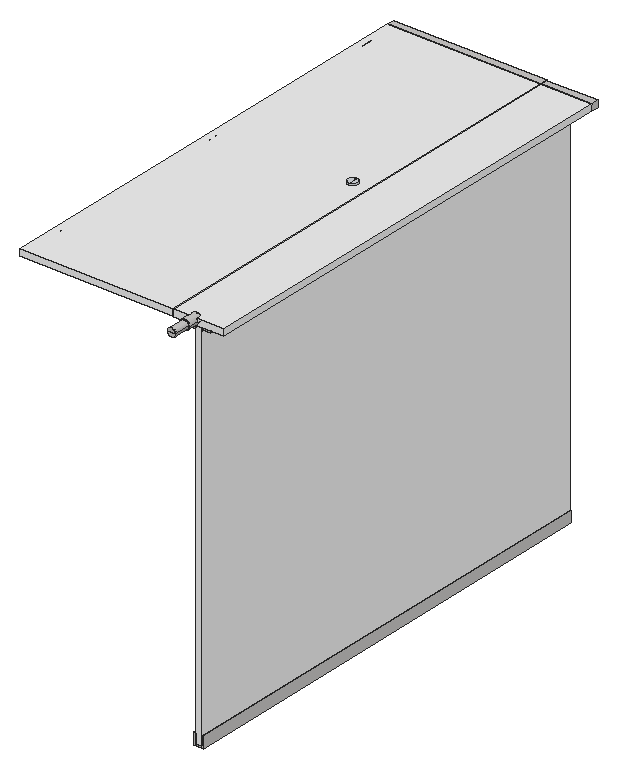
Revit family "Partition-Privada-Floor_Anchored-HPL_Series", category Specialty Equipment, host Face, Revit 2016
Family settings
  Host = Face
  Part Type = Normal
  Round Connector Dimension = Use Diameter
  OmniClass Number = 23.25.40.14.14.11
  OmniClass Title = Toilet Compartments and Urinal Screens
  Cut with Voids When Loaded = No
  Shared = Yes
  Room Calculation Point = No
Parameters (values of type "Center Partition")
  Warranty Information = "10 Year Warranty"
  URL = "http://www.privadapartitions.com/"
  Type Comments = ""
  Right Stile Width = 8"
  Right Stile Option = yes
  Right Stile Constraint = if(Right Stile Width < 7", 7", if(Right Stile Width > 48", 48", Right Stile Width))  # 8"
  Right Side Corner = no
  Right Partition = yes
  Left Stile Option = no
  Head Rail Length = 1 1/8"  # constant formula
  Door Height = 72"
  4 - Right Hinged Outswing = Door Option = 4  # no
  3 - Right Hinged Inswing = Door Option = 3  # no
  Product Page URL = "http://www.privadapartitions.com/#section-level-two-details"
  Product Documentation Link = "http://www.privadapartitions.com/docs/20160209_Privada_Cut_Sheet.pdf"
  Price = "Prices may vary. Please consult Manufacturer Representative for most up-to-date price list."  # constant formula
  Partition Length Constraint = if(Length < 34", 34", if(Length > 62", 62", Length))  # 60"
  Overall Height = Door Height + Clearance Height + Head Rail Length  # 77 1/8"
  2 - Left Hinged Outswing = Door Option = 2  # no
  Model = "Privada Floor-Anchored Toilet Compartment "
  Exterior Finish = Laminate-Privada-Mission White
  Manufacturer = "Privada"
  Length = 60"
  Left Stile Width = 8"
  Left Stile Constraint = if(Left Stile Width < 7", 7", if(Left Stile Width > 48", 48", Left Stile Width))  # 8"
  Left Partition = no
  Interior Finish = Laminate-Privada-Mission White
  Inswing Visibility = and([1 - Left Hinged Inswing], Door Panel)  # yes
  1 - Left Hinged Inswing = Door Option = 1  # yes
  Door Height Constraint = if(Door Height < 72", 72", if(Door Height > 96", 96", Door Height))  # 72"
  Door Panel = 1 < 2  # yes
  Stall Width Constraint = if(Center Stall Option, Center Stall Width, Corner Stall Width)  # 32"
  Door Option = 1
  Center Stall Width = (Left Stile Width / 2) + (Door Width) + (Right Stile Width / 2)  # 32"
  Center Stall Constraint = if(Center Stall Width < 30", 30", if(Center Stall Width > 48", 48", Center Stall Width))  # 32"
  Corner Stall Width = 60"
  Corner Stall Constraint = if(Corner Stall Width < 30", 30", if(Corner Stall Width > 106", 106", Corner Stall Width))  # 60"
  Corner Option = no
  Installation Type = "Floor-Anchored"
  Hardware Material = Hardware-Privada-Stainless Steel Satin
  Door Width = 24"
  Description = "Privada Floor-Anchored Toilet Compartment with concealed frame and mounting brackets."
  Default Elevation = 48"
  Creation Date = "08/23/2017"  # constant formula
  Clearance Height = if([4" Clearance Option], 4", 9")  # 4"
  Center Stall Option = not(Corner Option)  # yes
  Assembly Code = "C1010"
  9" Clearance Option = not([4" Clearance Option])  # no
  4" Clearance Option = yes
Reference planes (in)
  plane 1 "Center (Front/Back)": y = 4
  plane 2: z = 0
  plane 3 ".": x = -2
  plane 4: y = -44
  plane 5: z = 60
  plane 6: z = 59
  plane 7: z = 47
  plane 8: y = -40
  plane 9: y = 32
  plane 10: y = 29
  plane 11: y = -37
  plane 12 "Center (Left/Right)": x = 4
  plane 13: x = -6
  plane 14: x = -30
  plane 15: z = 56
  plane 16: x = -18
  plane 17 "A": x = -34
  plane 18: x = -38
  plane 19: y = -31.5
  plane 20: y = 23.5
  plane 21: z = 84
  plane 22: z = 59.5
  plane 23: x = 2
  plane 24: z = 72
  plane 25: z = 72
  plane 26: z = 35
  plane 27: z = 47
  plane 28: x = -38.5
  plane 29: x = 2.5
  plane 30: y = -4
  plane 31: y = 33.125
  plane 32: x = -33
  plane 33: x = -3
Forms (in)
  Revolve 1, solid, material "Hardware-Privada-Stainless Steel Satin" <- "Hardware Material"
    sketch origin (-18, 80.37217, 41) x (0, 0, 1) y (0, -1, 0)
      loop
        line (18, 59.18467) -> (18, 59.87217) -> (15, 59.87217) -> (15, 59.62723) -> (15.09843, 59.62723) -> (15.09843, 59.5128) -> (15.40776, 59.5128) -> (15.40776, 59.58761) -> (15.61987, 59.58761) -> (15.61987, 59.5128) -> (17.92864, 59.5128) -> (17.92864, 59.18467) -> (18, 59.18467)
      axis (15, 59.87217) -> (18, 59.87217)
    angle from 0 to 360
  Extrusion 2, solid, material "Laminate-Privada-Mission White" <- "Exterior Finish"
    sketch origin (0.00951, -48, 43.00317) x (-1, 0, 0) y (0, 0, 1)
      loop
        line (29.96423, 15.99683) -> (29.96423, 16.99683) -> (6.00951, 16.99683) -> (6.00951, 15.99683) -> (29.96423, 15.99683)
    from 8 to 80
  Extrusion 3, solid, material "Laminate-Privada-Mission White" <- "Exterior Finish", visible <- "Right Stile Option"
    sketch origin (0, 4, 0) x (1, 0, 0) y (0, 0, 1)
      loop
        line (2, 60) -> (-5.89702, 60) -> (-5.89702, 59) -> (2, 59) -> (2, 60)
    from -28 to 44
  Extrusion 4, solid, material "Hardware-Privada-Stainless Steel Satin" <- "Hardware Material", visible <- "1 - Left Hinged Inswing"
    sketch origin (-24.6898, 37, 43.18536) x (-1, 0, 0) y (0, 0, 1)
      loop
        arc (5.1383, 15.78704) -> (5.28756, 14.99784) -> (5.43681, 15.78704) r 0.40871
        line (5.43681, 15.78704) -> (5.43681, 16.4604) -> (5.3102, 16.4604) -> (5.3102, 15.68936)
        arc (5.3102, 15.68936) -> (5.28756, 15.12284) -> (5.26492, 15.68936) r 0.28371
        line (5.26492, 15.68936) -> (5.26492, 16.4604) -> (5.1383, 16.4604) -> (5.1383, 15.78704)
    from -13.5 to -8
  Extrusion 5, solid, material "Hardware-Privada-Stainless Steel Satin" <- "Hardware Material", visible <- "1 - Left Hinged Inswing"
    sketch origin (-37.75772, -43.5, 43.18536) x (-1, 0, 0) y (0, 0, 1)
      loop
        arc (-7.92961, 15.78704) -> (-7.78036, 14.99784) -> (-7.63111, 15.78704) r 0.40871
        line (-7.63111, 15.78704) -> (-7.63111, 16.4604) -> (-7.75772, 16.4604) -> (-7.75772, 15.68936)
        arc (-7.75772, 15.68936) -> (-7.78036, 15.12284) -> (-7.803, 15.68936) r 0.28371
        line (-7.803, 15.68936) -> (-7.803, 16.4604) -> (-7.92961, 16.4604) -> (-7.92961, 15.78704)
    from 6.5 to 12
  Revolve 6, solid, material "Hardware-Privada-Stainless Steel Satin" <- "Hardware Material", visible <- "Corner Option"
    sketch origin (-36.47177, -48, 47) x (0, -1, 0) y (1, 0, 0)
      loop
        line (-4, -2.15323) -> (-4, -1.52823) -> (-7.5, -1.52823) -> (-7.5, -1.95307) -> (-9, -1.95307) -> (-8.83031, -2.24698)
        arc (-8.83031, -2.24698) -> (-8.80744, -2.26986) -> (-8.77619, -2.27823) r 0.0625
        line (-8.77619, -2.27823) -> (-6.53125, -2.27823)
        arc (-6.53125, -2.27823) -> (-6.50915, -2.26908) -> (-6.5, -2.24698) r 0.03125
        line (-6.5, -2.24698) -> (-6.5, -2.15323) -> (-4, -2.15323)
      axis (-4, -1.52823) -> (-9, -1.52823)
    angle from 0 to 360
  Extrusion 7, solid, material "Laminate-Privada-Mission White" <- "Exterior Finish", visible <- "Left Stile Option"
    sketch origin (-44, -48, 48.00317) x (1, 0, 0) y (0, 0, -1)
      loop
        line (6, -10.99683) -> (6, -11.99683) -> (14, -11.99683) -> (14, -10.99683) -> (6, -10.99683)
    from 8 to 80
  Extrusion 8, solid, material "Hardware-Privada-Stainless Steel Satin" <- "Hardware Material", visible <- "Corner Option"
    sketch origin (-36.47177, -48, 35.00317) x (1, 0, 0) y (0, 0, -1)
      loop
        line (-1.02823, 35.00317) -> (-1.02823, 33.25317) -> (-0.77823, 33.25317) -> (-0.77823, 34.75317) -> (0.47177, 34.75317) -> (0.47177, 35.00317) -> (-1.02823, 35.00317)
    from 8 to 80
  Extrusion 9, solid, material "Laminate-Privada-Mission White" <- "Interior Finish", visible <- "Right Partition"
    sketch origin (-11.52823, -48, 48.00317) x (0, 1, 0) y (-1, 0, 0)
      loop
        line (8, -9.02823) -> (8, -10.02823) -> (80, -10.02823) -> (80, -9.02823) -> (8, -9.02823)
    from -47.75317 to 10.93433
  Extrusion 10, solid, material "Hardware-Privada-Stainless Steel Satin" <- "Hardware Material", visible <- "Right Partition"
    sketch origin (11.52823, -48, 35.00317) x (1, 0, 0) y (0, 0, -1)
      loop
        line (-14.27823, 35.00317) -> (-14.27823, 33.25317) -> (-14.02823, 33.25317) -> (-14.02823, 34.75317) -> (-13.02823, 34.75317) -> (-13.02823, 33.25317) -> (-12.77823, 33.25317) -> (-12.77823, 35.00317) -> (-14.27823, 35.00317)
    from 8 to 80
  Extrusion 11, solid, material "Hardware-Privada-Stainless Steel Satin" <- "Hardware Material", visible <- "Right Partition"
    sketch origin (-11.53956, -39.21883, 23) x (1, 0, 0) y (0, 0, -1)
      loop
        line (7.64702, -36) -> (11.4321, -36) -> (11.4321, -35.75) -> (10.27202, -35.75) -> (10.27202, -35.56235) -> (10.03956, -35.56235) -> (10.03956, -35.9375) -> (9.03956, -35.9375) -> (9.03956, -35.56235) -> (8.82081, -35.56235) -> (8.82081, -35.75) -> (7.64702, -35.75) -> (7.64702, -36)
    from -0.78117 to 71.21883
  Extrusion 12, solid, material "Laminate-Privada-Mission White" <- "Interior Finish", visible <- "Left Partition"
    sketch origin (-59.52823, -48, 48.00317) x (0, 1, 0) y (-1, 0, 0)
      loop
        line (8, -25.02823) -> (8, -26.02823) -> (80, -26.02823) -> (80, -25.02823) -> (8, -25.02823)
    from -47.75317 to 10.93433
  Extrusion 13, solid, material "Hardware-Privada-Stainless Steel Satin" <- "Hardware Material", visible <- "Left Partition"
    sketch origin (-36.47177, -48, 35.00317) x (1, 0, 0) y (0, 0, -1)
      loop
        line (1.72177, 35.00317) -> (1.72177, 33.25317) -> (1.97177, 33.25317) -> (1.97177, 34.75317) -> (2.97177, 34.75317) -> (2.97177, 33.25317) -> (3.22177, 33.25317) -> (3.22177, 35.00317) -> (1.72177, 35.00317)
    from 8 to 80
  Extrusion 14, solid, material "Hardware-Privada-Stainless Steel Satin" <- "Hardware Material", visible <- "Left Partition"
    sketch origin (-59.53956, -39.21883, 23) x (1, 0, 0) y (0, 0, -1)
      loop
        line (23.64702, -36) -> (27.4321, -36) -> (27.4321, -35.75) -> (26.27202, -35.75) -> (26.27202, -35.56235) -> (26.03956, -35.56235) -> (26.03956, -35.9375) -> (25.03956, -35.9375) -> (25.03956, -35.56235) -> (24.82081, -35.56235) -> (24.82081, -35.75) -> (23.64702, -35.75) -> (23.64702, -36)
    from -0.78117 to 71.21883
  Extrusion 15, solid, material "Laminate-Privada-Mission White" <- "Exterior Finish", visible <- "Right Side Corner"
    sketch origin (-15.52823, -48, 48.00317) x (0, 1, 0) y (-1, 0, 0)
      loop
        line (8, -17.52823) -> (8, -18.02823) -> (80, -18.02823) -> (80, -17.52823) -> (8, -17.52823)
    from -48.00317 to 11.99683
  Extrusion 16, solid, material "Hardware-Privada-Stainless Steel Satin" <- "Hardware Material", visible <- "Right Side Corner"
    sketch origin (-13.52823, -48, 35.00317) x (-1, 0, 0) y (0, 0, 1)
      loop
        line (-15.02823, -35.00317) -> (-13.52823, -35.00317) -> (-13.52823, -34.75317) -> (-14.77823, -34.75317) -> (-14.77823, -33.25317) -> (-15.02823, -33.25317) -> (-15.02823, -35.00317)
    from 8 to 81.125
  Extrusion 17, solid, material "Laminate-Privada-Mission White" <- "Exterior Finish", visible <- "Right Side Corner"
    sketch origin (23.52823, -48, 48.00317) x (0, -1, 0) y (1, 0, 0)
      loop
        line (-8, -21.52823) -> (-80, -21.52823) -> (-80, -22.02823) -> (-8, -22.02823) -> (-8, -21.52823)
    from -48.00317 to 11.49683
  Extrusion 18, solid, material "Hardware-Privada-Stainless Steel Satin" <- "Hardware Material", visible <- "Right Stile Option"
    sketch origin (0, 4, 0) x (1, 0, 0) y (0, 0, 1)
      loop
        line (2, 59) -> (2, 60) -> (-5.89702, 60) -> (-5.89702, 59) -> (2, 59)
    from -29.125 to -28
  Extrusion 19, solid, material "Hardware-Privada-Stainless Steel Satin" <- "Hardware Material"
    sketch origin (0, 4, 0) x (1, 0, 0) y (0, 0, 1)
      loop
        line (-6, 59) -> (-6, 60) -> (-29.95472, 60) -> (-29.95472, 59) -> (-6, 59)
    from -28 to -29.125
  Extrusion 20, solid, material "Hardware-Privada-Stainless Steel Satin" <- "Hardware Material", visible <- "Left Stile Option"
    sketch origin (0, 4, 0) x (1, 0, 0) y (0, 0, 1)
      loop
        line (-30, 60) -> (-38, 60) -> (-38, 59) -> (-30, 59) -> (-30, 60)
    from -29.125 to -28
  Extrusion 21, solid, material "Hardware-Privada-Stainless Steel Satin" <- "Hardware Material", visible <- "Corner Option"
    sketch origin (0, 4, 0) x (1, 0, 0) y (0, 0, 1)
      loop
        line (-38.5, 60) -> (-38.5, 0) -> (-37.5, 0) -> (-37.5, 59) -> (-38, 59) -> (-38, 60) -> (-38.5, 60)
    from -29.125 to -28
  Extrusion 22, solid, material "Hardware-Privada-Stainless Steel Satin" <- "Hardware Material", visible <- "Right Side Corner"
    sketch origin (0, 4, 0) x (1, 0, 0) y (0, 0, 1)
      loop
        line (2.5, 60) -> (2, 60) -> (2, 59) -> (1.5, 59) -> (1.5, 0) -> (2.5, 0) -> (2.5, 60)
    from -29.125 to -28
  Revolve 23, solid, material "Hardware-Privada-Stainless Steel Satin" <- "Hardware Material", visible <- "Right Side Corner"
    sketch origin (20.47177, -48, 47) x (0, 1, 0) y (-1, 0, 0)
      loop
        line (4, 17.84677) -> (6.5, 17.84677) -> (6.5, 17.75302)
        arc (6.5, 17.75302) -> (6.50915, 17.73092) -> (6.53125, 17.72177) r 0.03125
        line (6.53125, 17.72177) -> (8.77619, 17.72177)
        arc (8.77619, 17.72177) -> (8.80744, 17.73014) -> (8.83031, 17.75302) r 0.0625
        line (8.83031, 17.75302) -> (9, 18.04693) -> (7.5, 18.04693) -> (7.5, 18.47177) -> (4, 18.47177) -> (4, 17.84677)
      axis (4, 18.47177) -> (9, 18.47177)
    angle from 0 to 360
  Extrusion 24, solid, material "Laminate-Privada-Mission White" <- "Exterior Finish", visible <- "Corner Option"
    sketch origin (0, 4, 0) x (1, 0, 0) y (0, 0, 1)
      loop
        line (-37.5, 0) -> (-37.5, 59) -> (-38, 59) -> (-38, 60) -> (-38.5, 60) -> (-38.5, 0) -> (-37.5, 0)
    from -28 to 44
  Extrusion 25, solid, material "Hardware-Privada-Stainless Steel Satin" <- "Hardware Material", visible <- "3 - Right Hinged Inswing"
    sketch origin (-27.3102, 37, 43.18536) x (1, 0, 0) y (0, 0, -1)
      loop
        line (21.1383, -15.78704) -> (21.1383, -16.4604) -> (21.26492, -16.4604) -> (21.26492, -15.68936)
        arc (21.26492, -15.68936) -> (21.28756, -15.12284) -> (21.3102, -15.68936) r 0.28371
        line (21.3102, -15.68936) -> (21.3102, -16.4604) -> (21.43681, -16.4604) -> (21.43681, -15.78704)
        arc (21.43681, -15.78704) -> (21.28756, -14.99784) -> (21.1383, -15.78704) r 0.40871
    from -13.5 to -8
  Extrusion 26, solid, material "Hardware-Privada-Stainless Steel Satin" <- "Hardware Material", visible <- "3 - Right Hinged Inswing"
    sketch origin (-14.24228, -43.5, 43.18536) x (1, 0, 0) y (0, 0, -1)
      loop
        line (8.07039, -15.78704) -> (8.07039, -16.4604) -> (8.197, -16.4604) -> (8.197, -15.68936)
        arc (8.197, -15.68936) -> (8.21964, -15.12284) -> (8.24228, -15.68936) r 0.28371
        line (8.24228, -15.68936) -> (8.24228, -16.4604) -> (8.36889, -16.4604) -> (8.36889, -15.78704)
        arc (8.36889, -15.78704) -> (8.21964, -14.99784) -> (8.07039, -15.78704) r 0.40871
    from 6.5 to 12
  Extrusion 27, solid, material "Hardware-Privada-Stainless Steel Satin" <- "Hardware Material", visible <- "1 - Left Hinged Inswing"
    sketch origin (-24.6898, 6.75, 43.18536) x (-1, 0, 0) y (0, 0, 1)
      loop
        arc (5.1383, 15.78704) -> (5.28756, 14.99784) -> (5.43681, 15.78704) r 0.40871
        line (5.43681, 15.78704) -> (5.43681, 16.4604) -> (5.3102, 16.4604) -> (5.3102, 15.68936)
        arc (5.3102, 15.68936) -> (5.28756, 15.12284) -> (5.26492, 15.68936) r 0.28371
        line (5.26492, 15.68936) -> (5.26492, 16.4604) -> (5.1383, 16.4604) -> (5.1383, 15.78704)
    from -13.5 to -8
  Extrusion 28, solid, material "Hardware-Privada-Stainless Steel Satin" <- "Hardware Material", visible <- "3 - Right Hinged Inswing"
    sketch origin (-27.3102, 6.75, 43.18536) x (1, 0, 0) y (0, 0, -1)
      loop
        line (21.1383, -15.78704) -> (21.1383, -16.4604) -> (21.26492, -16.4604) -> (21.26492, -15.68936)
        arc (21.26492, -15.68936) -> (21.28756, -15.12284) -> (21.3102, -15.68936) r 0.28371
        line (21.3102, -15.68936) -> (21.3102, -16.4604) -> (21.43681, -16.4604) -> (21.43681, -15.78704)
        arc (21.43681, -15.78704) -> (21.28756, -14.99784) -> (21.1383, -15.78704) r 0.40871
    from -13.5 to -8
  Extrusion 29, solid, material "Hardware-Privada-Stainless Steel Satin" <- "Hardware Material", visible <- "2 - Left Hinged Outswing"
    sketch origin (-24.6898, 37, 75.81464) x (-1, 0, 0) y (0, 0, 1)
      loop
        line (5.1383, -15.78704) -> (5.1383, -16.4604) -> (5.26492, -16.4604) -> (5.26492, -15.68936)
        arc (5.26492, -15.68936) -> (5.28756, -15.12284) -> (5.3102, -15.68936) r 0.28371
        line (5.3102, -15.68936) -> (5.3102, -16.4604) -> (5.43681, -16.4604) -> (5.43681, -15.78704)
        arc (5.43681, -15.78704) -> (5.28756, -14.99784) -> (5.1383, -15.78704) r 0.40871
    from -13.5 to -8
  Extrusion 30, solid, material "Hardware-Privada-Stainless Steel Satin" <- "Hardware Material", visible <- "2 - Left Hinged Outswing"
    sketch origin (-37.75772, -43.5, 75.81464) x (-1, 0, 0) y (0, 0, 1)
      loop
        line (-7.92961, -15.78704) -> (-7.92961, -16.4604) -> (-7.803, -16.4604) -> (-7.803, -15.68936)
        arc (-7.803, -15.68936) -> (-7.78036, -15.12284) -> (-7.75772, -15.68936) r 0.28371
        line (-7.75772, -15.68936) -> (-7.75772, -16.4604) -> (-7.63111, -16.4604) -> (-7.63111, -15.78704)
        arc (-7.63111, -15.78704) -> (-7.78036, -14.99784) -> (-7.92961, -15.78704) r 0.40871
    from 6.5 to 12
  Extrusion 31, solid, material "Hardware-Privada-Stainless Steel Satin" <- "Hardware Material", visible <- "2 - Left Hinged Outswing"
    sketch origin (-24.6898, 6.75, 75.81464) x (-1, 0, 0) y (0, 0, 1)
      loop
        line (5.1383, -15.78704) -> (5.1383, -16.4604) -> (5.26492, -16.4604) -> (5.26492, -15.68936)
        arc (5.26492, -15.68936) -> (5.28756, -15.12284) -> (5.3102, -15.68936) r 0.28371
        line (5.3102, -15.68936) -> (5.3102, -16.4604) -> (5.43681, -16.4604) -> (5.43681, -15.78704)
        arc (5.43681, -15.78704) -> (5.28756, -14.99784) -> (5.1383, -15.78704) r 0.40871
    from -13.5 to -8
  Extrusion 32, solid, material "Hardware-Privada-Stainless Steel Satin" <- "Hardware Material", visible <- "4 - Right Hinged Outswing"
    sketch origin (-27.3102, 37, 75.81464) x (1, 0, 0) y (0, 0, -1)
      loop
        arc (21.1383, 15.78704) -> (21.28756, 14.99784) -> (21.43681, 15.78704) r 0.40871
        line (21.43681, 15.78704) -> (21.43681, 16.4604) -> (21.3102, 16.4604) -> (21.3102, 15.68936)
        arc (21.3102, 15.68936) -> (21.28756, 15.12284) -> (21.26492, 15.68936) r 0.28371
        line (21.26492, 15.68936) -> (21.26492, 16.4604) -> (21.1383, 16.4604) -> (21.1383, 15.78704)
    from -13.5 to -8
  Extrusion 33, solid, material "Hardware-Privada-Stainless Steel Satin" <- "Hardware Material", visible <- "4 - Right Hinged Outswing"
    sketch origin (-14.24228, -43.5, 75.81464) x (1, 0, 0) y (0, 0, -1)
      loop
        arc (8.07039, 15.78704) -> (8.21964, 14.99784) -> (8.36889, 15.78704) r 0.40871
        line (8.36889, 15.78704) -> (8.36889, 16.4604) -> (8.24228, 16.4604) -> (8.24228, 15.68936)
        arc (8.24228, 15.68936) -> (8.21964, 15.12284) -> (8.197, 15.68936) r 0.28371
        line (8.197, 15.68936) -> (8.197, 16.4604) -> (8.07039, 16.4604) -> (8.07039, 15.78704)
    from 6.5 to 12
  Extrusion 34, solid, material "Hardware-Privada-Stainless Steel Satin" <- "Hardware Material", visible <- "4 - Right Hinged Outswing"
    sketch origin (-27.3102, 6.75, 75.81464) x (1, 0, 0) y (0, 0, -1)
      loop
        arc (21.1383, 15.78704) -> (21.28756, 14.99784) -> (21.43681, 15.78704) r 0.40871
        line (21.43681, 15.78704) -> (21.43681, 16.4604) -> (21.3102, 16.4604) -> (21.3102, 15.68936)
        arc (21.3102, 15.68936) -> (21.28756, 15.12284) -> (21.26492, 15.68936) r 0.28371
        line (21.26492, 15.68936) -> (21.26492, 16.4604) -> (21.1383, 16.4604) -> (21.1383, 15.78704)
    from -13.5 to -8
  Revolve 35, solid, material "Hardware-Privada-Stainless Steel Satin" <- "Hardware Material", visible <- "Left Stile Option"
    sketch origin (6.09073, -48, 59.5) x (0, -1, 0) y (1, 0, 0)
      loop
        line (-4, -39.71573) -> (-4, -39.09073) -> (-9, -39.09073) -> (-9, -39.51557) -> (-8.83031, -39.80948)
        arc (-8.83031, -39.80948) -> (-8.80744, -39.83236) -> (-8.77619, -39.84073) r 0.0625
        line (-8.77619, -39.84073) -> (-6.53125, -39.84073)
        arc (-6.53125, -39.84073) -> (-6.50915, -39.83158) -> (-6.5, -39.80948) r 0.03125
        line (-6.5, -39.80948) -> (-6.5, -39.71573) -> (-4, -39.71573)
      axis (-4, -39.09073) -> (-9, -39.09073)
    angle from 0 to 360
  Revolve 36, solid, material "Hardware-Privada-Stainless Steel Satin" <- "Hardware Material", visible <- "Right Stile Option"
    sketch origin (28.52823, -48, 59.5) x (0, -1, 0) y (1, 0, 0)
      loop
        line (-4, -32.15323) -> (-4, -31.52823) -> (-9, -31.52823) -> (-9, -31.95307) -> (-8.83031, -32.24698)
        arc (-8.83031, -32.24698) -> (-8.80744, -32.26986) -> (-8.77619, -32.27823) r 0.0625
        line (-8.77619, -32.27823) -> (-6.53125, -32.27823)
        arc (-6.53125, -32.27823) -> (-6.50915, -32.26908) -> (-6.5, -32.24698) r 0.03125
        line (-6.5, -32.24698) -> (-6.5, -32.15323) -> (-4, -32.15323)
      axis (-4, -31.52823) -> (-9, -31.52823)
    angle from 0 to 360
Lines and regions (in)
  Masking region 1, visible <- "Right Partition"
    outline origin (0, 4, 0) x (1, 0, 0) y (0, 0, 1)
      loop
        line (-2.5, 1.75) -> (-2.75, 1.75) -> (-2.75, 0) -> (-1.25, 0) -> (-1.25, 1.75) -> (-1.5, 1.75) -> (-1.5, 46.43483)
        arc (-1.5, 46.43483) -> (-1.25163, 46.99462) -> (-1.5, 47.55442) r 0.75503
        line (-1.5, 47.55442) -> (-1.5, 58.56235) -> (-1.26754, 58.56235) -> (-1.26754, 58.75) -> (-0.10746, 58.75) -> (-0.10746, 59) -> (-3.89254, 59) -> (-3.89254, 58.75) -> (-2.71875, 58.75) -> (-2.71875, 58.56235) -> (-2.5, 58.56235) -> (-2.5, 47.55442)
        arc (-2.5, 47.55442) -> (-2.74837, 46.99462) -> (-2.5, 46.43483) r 0.75503
        line (-2.5, 46.43483) -> (-2.5, 1.75)
  Masking region 2, visible <- "Right Stile Option"
    outline origin (0, 4, 0) x (1, 0, 0) y (0, 0, 1)
      loop
        line (2, 60) -> (-5.89702, 60) -> (-5.89702, 58.59282) -> (-4.6977, 58.59282) -> (-4.5654, 59) -> (2, 59) -> (2, 60)
  Masking region 3, visible <- "Left Partition"
    outline origin (-52, 4, 0) x (-1, 0, 0) y (0, 0, 1)
      loop
        line (-18.5, 1.75) -> (-18.75, 1.75) -> (-18.75, 0) -> (-17.25, 0) -> (-17.25, 1.75) -> (-17.5, 1.75) -> (-17.5, 46.43483)
        arc (-17.5, 46.43483) -> (-17.25163, 46.99462) -> (-17.5, 47.55442) r 0.75503
        line (-17.5, 47.55442) -> (-17.5, 58.56235) -> (-17.28125, 58.56235) -> (-17.28125, 58.75) -> (-16.10746, 58.75) -> (-16.10746, 59) -> (-19.89254, 59) -> (-19.89254, 58.75) -> (-18.73246, 58.75) -> (-18.73246, 58.56235) -> (-18.5, 58.56235) -> (-18.5, 47.55442)
        arc (-18.5, 47.55442) -> (-18.74837, 46.99462) -> (-18.5, 46.43483) r 0.75503
        line (-18.5, 46.43483) -> (-18.5, 1.75)
  Masking region 4, visible <- "2 - Left Hinged Outswing"
    outline origin (-44, 0, 110) x (0, 0, 1) y (-1, 0, 0)
      loop
        line (-26, -14) -> (-27.62624, -14) -> (-27.74704, -13.63566)
        arc (-27.74704, -13.63566) -> (-27.75844, -13.62012) -> (-27.77678, -13.61419) r 0.03133
        line (-27.77678, -13.61419) -> (-28.28293, -13.61419) -> (-28.28293, -11.21782) -> (-28.31532, -11.21782)
        arc (-28.31532, -11.21782) -> (-28.33693, -11.20793) -> (-28.34358, -11.1851) r 0.02856
        line (-28.34358, -11.1851) -> (-28.34358, -11.12633)
        arc (-28.34358, -11.12633) -> (-28.35325, -11.10297) -> (-28.37662, -11.09329) r 0.03304
        line (-28.37662, -11.09329) -> (-28.93924, -11.09329)
        arc (-28.93924, -11.09329) -> (-28.96261, -11.10297) -> (-28.97229, -11.12633) r 0.03304
        line (-28.97229, -11.12633) -> (-28.97229, -11.1851)
        arc (-28.97229, -11.1851) -> (-28.97893, -11.20793) -> (-29.00055, -11.21782) r 0.02856
        line (-29.00055, -11.21782) -> (-29.03293, -11.21782) -> (-29.03293, -11.50939) -> (-32.68536, -11.50939)
        arc (-32.68536, -11.50939) -> (-32.71437, -11.5214) -> (-32.72639, -11.55042) r 0.04103
        line (-32.72639, -11.55042) -> (-32.72639, -12.10074)
        arc (-32.72639, -12.10074) -> (-32.71653, -12.12453) -> (-32.69274, -12.13439) r 0.03364
        line (-32.69274, -12.13439) -> (-29.03293, -12.13439) -> (-29.03293, -13.61419) -> (-29.47398, -13.61419)
        arc (-29.47398, -13.61419) -> (-29.49371, -13.62057) -> (-29.50598, -13.63729) r 0.0337
        line (-29.50598, -13.63729) -> (-29.62624, -14) -> (-50.35424, -14) -> (-50.35424, -13.87339) -> (-51.0276, -13.87339)
        arc (-51.0276, -13.87339) -> (-51.8168, -14.02264) -> (-51.0276, -14.17189) r 0.40871
        line (-51.0276, -14.17189) -> (-50, -14.17189) -> (-50, -15) -> (-39.24762, -15) -> (-39.24762, -15.38148)
        arc (-39.24762, -15.38148) -> (-39.2129, -15.46529) -> (-39.1291, -15.5) r 0.11852
        line (-39.1291, -15.5) -> (-38.49699, -15.5) -> (-38.49699, -17.97097)
        arc (-38.49699, -17.97097) -> (-38.48832, -17.9919) -> (-38.46739, -18.00057) r 0.0296
        line (-38.46739, -18.00057) -> (-37.53261, -18.00057)
        arc (-37.53261, -18.00057) -> (-37.51168, -17.9919) -> (-37.50301, -17.97097) r 0.0296
        line (-37.50301, -17.97097) -> (-37.50301, -15.5) -> (-36.8709, -15.5)
        arc (-36.8709, -15.5) -> (-36.7871, -15.46529) -> (-36.75238, -15.38148) r 0.11852
        line (-36.75238, -15.38148) -> (-36.75238, -15) -> (-29.55293, -15) -> (-29.55293, -15.24409) -> (-28.93216, -15.24409) -> (-28.93216, -15.802) -> (-31.69562, -15.802) -> (-31.69562, -16.4252) -> (-25.26138, -16.4252) -> (-25.26138, -15.802) -> (-28.3837, -15.802) -> (-28.3837, -15.24409) -> (-27.771, -15.24409) -> (-27.771, -15) -> (-26, -15) -> (-26, -14)
  Masking region 5, visible <- "1 - Left Hinged Inswing"
    outline origin (0, 4, 0) x (1, 0, 0) y (0, 0, 1)
      loop
        line (-29, 35) -> (-29, 35.62624) -> (-28.63566, 35.74704)
        arc (-28.63566, 35.74704) -> (-28.62012, 35.75844) -> (-28.61419, 35.77678) r 0.03133
        line (-28.61419, 35.77678) -> (-28.61419, 37.47398)
        arc (-28.61419, 37.47398) -> (-28.62057, 37.49371) -> (-28.63729, 37.50598) r 0.0337
        line (-28.63729, 37.50598) -> (-29, 37.62624) -> (-29, 59) -> (-30, 59) -> (-30, 59.64576) -> (-30.12661, 59.64576) -> (-30.12661, 58.9724)
        arc (-30.12661, 58.9724) -> (-30.38607, 58.59191) -> (-30.12661, 58.21143) r 0.40871
        line (-30.12661, 58.21143) -> (-30.12661, 57.50096) -> (-30, 57.50096) -> (-30, 48.24762) -> (-30.38148, 48.24762)
        arc (-30.38148, 48.24762) -> (-30.46529, 48.2129) -> (-30.5, 48.1291) r 0.11852
        line (-30.5, 48.1291) -> (-30.5, 47.49699) -> (-32.97097, 47.49699)
        arc (-32.97097, 47.49699) -> (-32.9919, 47.48832) -> (-33.00057, 47.46739) r 0.0296
        line (-33.00057, 47.46739) -> (-33.00057, 46.53261)
        arc (-33.00057, 46.53261) -> (-32.9919, 46.51168) -> (-32.97097, 46.50301) r 0.0296
        line (-32.97097, 46.50301) -> (-30.5, 46.50301) -> (-30.5, 45.8709)
        arc (-30.5, 45.8709) -> (-30.46529, 45.7871) -> (-30.38148, 45.75238) r 0.11852
        line (-30.38148, 45.75238) -> (-30, 45.75238) -> (-30, 37.51635) -> (-30.24409, 37.51635) -> (-30.24409, 36.89557) -> (-30.802, 36.89557) -> (-30.802, 39.75279) -> (-31.4252, 39.75279) -> (-31.4252, 33.31855) -> (-30.802, 33.31855) -> (-30.802, 36.34712) -> (-30.24409, 36.34712) -> (-30.24409, 35.73441) -> (-30, 35.73441) -> (-30, 35) -> (-29, 35)
  Masking region 6, visible <- "4 - Right Hinged Outswing"
    outline origin (-32, 0, 110) x (0, 0, 1) y (-1, 0, 0)
      loop
        line (-26, -26) -> (-26, -25) -> (-27.76696, -25) -> (-27.76696, -24.75591) -> (-28.38774, -24.75591) -> (-28.38774, -24.198) -> (-25.62427, -24.198) -> (-25.62427, -23.5748) -> (-32.05852, -23.5748) -> (-32.05852, -24.198) -> (-28.93619, -24.198) -> (-28.93619, -24.75591) -> (-29.5489, -24.75591) -> (-29.5489, -25) -> (-36.75238, -25) -> (-36.75238, -24.61852)
        arc (-36.75238, -24.61852) -> (-36.7871, -24.53471) -> (-36.8709, -24.5) r 0.11852
        line (-36.8709, -24.5) -> (-37.50301, -24.5) -> (-37.50301, -22.02903)
        arc (-37.50301, -22.02903) -> (-37.51168, -22.0081) -> (-37.53261, -21.99943) r 0.0296
        line (-37.53261, -21.99943) -> (-38.46739, -21.99943)
        arc (-38.46739, -21.99943) -> (-38.48832, -22.0081) -> (-38.49699, -22.02903) r 0.0296
        line (-38.49699, -22.02903) -> (-38.49699, -24.5) -> (-39.1291, -24.5)
        arc (-39.1291, -24.5) -> (-39.2129, -24.53471) -> (-39.24762, -24.61852) r 0.11852
        line (-39.24762, -24.61852) -> (-39.24762, -25) -> (-50, -25) -> (-50, -25.82811) -> (-51.0276, -25.82811)
        arc (-51.0276, -25.82811) -> (-51.8168, -25.97736) -> (-51.0276, -26.12661) r 0.40871
        line (-51.0276, -26.12661) -> (-50.35424, -26.12661) -> (-50.35424, -26) -> (-29.62624, -26) -> (-29.50598, -26.36271)
        arc (-29.50598, -26.36271) -> (-29.49371, -26.37943) -> (-29.47398, -26.38581) r 0.0337
        line (-29.47398, -26.38581) -> (-29.03293, -26.38581) -> (-29.03293, -27.86561) -> (-32.69274, -27.86561)
        arc (-32.69274, -27.86561) -> (-32.71653, -27.87547) -> (-32.72639, -27.89926) r 0.03364
        line (-32.72639, -27.89926) -> (-32.72639, -28.44958)
        arc (-32.72639, -28.44958) -> (-32.71437, -28.4786) -> (-32.68536, -28.49061) r 0.04103
        line (-32.68536, -28.49061) -> (-29.03293, -28.49061) -> (-29.03293, -28.78218) -> (-29.00055, -28.78218)
        arc (-29.00055, -28.78218) -> (-28.97893, -28.79207) -> (-28.97229, -28.8149) r 0.02856
        line (-28.97229, -28.8149) -> (-28.97229, -28.87367)
        arc (-28.97229, -28.87367) -> (-28.96261, -28.89703) -> (-28.93924, -28.90671) r 0.03304
        line (-28.93924, -28.90671) -> (-28.37662, -28.90671)
        arc (-28.37662, -28.90671) -> (-28.35325, -28.89703) -> (-28.34358, -28.87367) r 0.03304
        line (-28.34358, -28.87367) -> (-28.34358, -28.8149)
        arc (-28.34358, -28.8149) -> (-28.33693, -28.79207) -> (-28.31532, -28.78218) r 0.02856
        line (-28.31532, -28.78218) -> (-28.28293, -28.78218) -> (-28.28293, -26.38581) -> (-27.77678, -26.38581)
        arc (-27.77678, -26.38581) -> (-27.75844, -26.37988) -> (-27.74704, -26.36434) r 0.03133
        line (-27.74704, -26.36434) -> (-27.62624, -26) -> (-26, -26)
  Masking region 7, visible <- "3 - Right Hinged Inswing"
    outline origin (-76, 4, 0) x (-1, 0, 0) y (0, 0, -1)
      loop
        line (-69, -35) -> (-70, -35) -> (-70, -35.75759) -> (-70.24409, -35.75759) -> (-70.24409, -36.36275) -> (-70.802, -36.36275) -> (-70.802, -33.52116) -> (-71.4252, -33.52116) -> (-71.4252, -39.93222) -> (-70.802, -39.93222) -> (-70.802, -36.88802) -> (-70.24409, -36.88802) -> (-70.24409, -37.51635) -> (-70, -37.51635) -> (-70, -45.75238) -> (-70.38148, -45.75238)
        arc (-70.38148, -45.75238) -> (-70.46529, -45.7871) -> (-70.5, -45.8709) r 0.11852
        line (-70.5, -45.8709) -> (-70.5, -46.50301) -> (-72.97097, -46.50301)
        arc (-72.97097, -46.50301) -> (-72.9919, -46.51168) -> (-73.00057, -46.53261) r 0.0296
        line (-73.00057, -46.53261) -> (-73.00057, -47.46739)
        arc (-73.00057, -47.46739) -> (-72.9919, -47.48832) -> (-72.97097, -47.49699) r 0.0296
        line (-72.97097, -47.49699) -> (-70.5, -47.49699) -> (-70.5, -48.1291)
        arc (-70.5, -48.1291) -> (-70.46529, -48.2129) -> (-70.38148, -48.24762) r 0.11852
        line (-70.38148, -48.24762) -> (-70, -48.24762) -> (-70, -57.50096) -> (-70.12661, -57.50096) -> (-70.12661, -58.21143)
        arc (-70.12661, -58.21143) -> (-70.38607, -58.59191) -> (-70.12661, -58.9724) r 0.40871
        line (-70.12661, -58.9724) -> (-70.12661, -59.64576) -> (-70, -59.64576) -> (-70, -59) -> (-69, -59) -> (-69, -37.62624) -> (-68.63729, -37.50598)
        arc (-68.63729, -37.50598) -> (-68.62057, -37.49371) -> (-68.61419, -37.47398) r 0.0337
        line (-68.61419, -37.47398) -> (-68.61419, -35.77678)
        arc (-68.61419, -35.77678) -> (-68.62012, -35.75844) -> (-68.63566, -35.74704) r 0.03133
        line (-68.63566, -35.74704) -> (-69, -35.62624) -> (-69, -35)
  Masking region 8, visible <- "Right Side Corner"
    outline origin (0, 4, 0) x (1, 0, 0) y (0, 0, 1)
      loop
        line (2.5, 0) -> (2.5, 60) -> (1.5, 60) -> (1.5, 1.75) -> (1.25, 1.75) -> (1.25, 0.25) -> (0, 0.25) -> (0, 0) -> (2.5, 0)
  Masking region 9, visible <- "Corner Option"
    outline origin (0, 4, 0) x (1, 0, 0) y (0, 0, 1)
      loop
        line (-36, 0.25) -> (-37.25, 0.25) -> (-37.25, 1.75) -> (-37.5, 1.75) -> (-37.5, 60) -> (-38.5, 60) -> (-38.5, 0) -> (-36, 0) -> (-36, 0.25)
  Masking region 10, visible <- "Left Stile Option"
    outline origin (0, 4, 0) x (1, 0, 0) y (0, 0, 1)
      loop
        line (-38, 59) -> (-30, 59) -> (-30, 60) -> (-38, 60) -> (-38, 59)
  symbolic lines, visible <- "Right Partition", detail levels fine
    curve 1: line (-0.18139, 4, 59) -> (-0.18139, 4, 58.81575)
    curve 2: line (-0.18139, 4, 58.81575) -> (-1.32369, 4, 58.81575)
    curve 3: line (-1.32369, 4, 58.81575) -> (-1.32369, 4, 58.62753)
    curve 4: line (-1.32369, 4, 58.62753) -> (-1.4535, 4, 58.62753)
    curve 5: line (-1.4535, 4, 58.62753) -> (-1.4535, 4, 58.81575)
    curve 6: line (-1.4535, 4, 58.81575) -> (-1.5, 4, 58.81575)
    curve 7: line (-2.67631, 4, 58.81575) -> (-2.67631, 4, 58.62753)
    curve 8: line (-2.67631, 4, 58.62753) -> (-2.5465, 4, 58.62753)
    curve 9: line (-2.5465, 4, 58.62753) -> (-2.5465, 4, 58.81575)
    curve 10: line (-2.5465, 4, 58.81575) -> (-2.5, 4, 58.81575)
    curve 34: line (-1.5, 4, 1.75) -> (-1.5, 4, 0.25)
    curve 35: line (-1.5, 4, 0.25) -> (-2.5, 4, 0.25)
    curve 36: line (-2.5, 4, 0.25) -> (-2.5, 4, 1.75)
    curve 64: line (-3.81861, 4, 59) -> (-3.81861, 4, 58.81575)
    curve 65: line (-3.81861, 4, 58.81575) -> (-2.67631, 4, 58.81575)
  symbolic lines, visible <- "Left Partition", detail levels fine
    curve 11: line (-35.82935, 4, 59) -> (-35.82935, 4, 58.81575)
    curve 12: line (-35.82935, 4, 58.81575) -> (-34.67631, 4, 58.81575)
    curve 13: line (-34.67631, 4, 58.81575) -> (-34.67631, 4, 58.62753)
    curve 14: line (-34.67631, 4, 58.62753) -> (-34.5465, 4, 58.62753)
    curve 15: line (-34.5465, 4, 58.62753) -> (-34.5465, 4, 58.81575)
    curve 16: line (-34.5465, 4, 58.81575) -> (-34.5, 4, 58.81575)
    curve 17: line (-32.18139, 4, 59) -> (-32.18139, 4, 58.81575)
    curve 18: line (-32.18139, 4, 58.81575) -> (-33.32369, 4, 58.81575)
    curve 19: line (-33.32369, 4, 58.81575) -> (-33.32369, 4, 58.62753)
    curve 20: line (-33.32369, 4, 58.62753) -> (-33.4535, 4, 58.62753)
    curve 21: line (-33.4535, 4, 58.62753) -> (-33.4535, 4, 58.81575)
    curve 22: line (-33.4535, 4, 58.81575) -> (-33.5, 4, 58.81575)
    curve 37: line (-33.5, 4, 1.75) -> (-33.5, 4, 0.25)
    curve 38: line (-33.5, 4, 0.25) -> (-34.5, 4, 0.25)
    curve 39: line (-34.5, 4, 0.25) -> (-34.5, 4, 1.75)
  symbolic lines, visible <- "Right Partition", detail levels medium+fine
    curve 23: line (-1.5, 4, 58.56235) -> (-1.5, 4, 58.9375)
    curve 24: line (-1.5, 4, 58.9375) -> (-2.5, 4, 58.9375)
    curve 25: line (-2.5, 4, 58.9375) -> (-2.5, 4, 58.56235)
    curve 31: line (-1.5, 4, 46.43483) -> (-1.5, 4, 47.55442)
    curve 32: line (-2.5, 4, 46.43483) -> (-2.5, 4, 47.55442)
  symbolic lines, visible <- "Left Partition", detail levels medium+fine
    curve 26: line (-34.5, 4, 58.56235) -> (-34.5, 4, 58.9375)
    curve 27: line (-34.5, 4, 58.9375) -> (-33.5, 4, 58.9375)
    curve 28: line (-33.5, 4, 58.9375) -> (-33.5, 4, 58.56235)
    curve 29: line (-33.5, 4, 46.43483) -> (-33.5, 4, 47.55442)
    curve 30: line (-34.5, 4, 46.43483) -> (-34.5, 4, 47.55442)
  symbolic lines, visible <- "Corner Option", detail levels medium+fine
    curve 33: line (-38.5, 4, 47.55902) -> (-38.5, 4, 46.44098)
    curve 60: line (-37.5, 4, 1.75) -> (-37.5, 4, 0)
    curve 61: line (-37.5, 4, 47.55902) -> (-37.5, 4, 46.44098)
  symbolic lines, visible <- "Corner Option", detail levels fine
    curve 40: line (-37.5, 4, 1.75) -> (-37.5, 4, 0.25)
  symbolic lines, visible <- "2 - Left Hinged Outswing", detail levels medium+fine
    curve 41: line (-29, 4, 70.75238) -> (-29, 4, 73.24762)
    curve 43: line (-28.75591, 0, 81.6163) -> (-28.75591, 0, 81.06784)
    curve 44: line (-29, 4, 84) -> (-29, 4, 77.69106)
    curve 45: line (-30, 4, 82.37376) -> (-30, 4, 80.37376)
    curve 46: line (-29.82811, 4, 60) -> (-29.82811, 4, 60.8152)
    curve 47: line (-29.82811, 4, 60.8152) -> (-29.95472, 4, 60.8152)
    curve 48: line (-29.95472, 4, 58.87472) -> (-29.95472, 4, 60.8152)
    curve 49: line (-30, 4, 59.64576) -> (-30, 4, 58.87472)
    curve 50: arc (-30, 4, 58.87472) -> (-29.97736, 4, 58.3082) -> (-29.95472, 4, 58.87472) r 0.28371
    curve 68: line (-30.38581, 4, 81.71707) -> (-30.38581, 4, 80.96707)
  symbolic lines, visible <- "2 - Left Hinged Outswing", detail levels fine
    curve 42: line (-28.5, 4, 71.50301) -> (-28.5, 4, 72.49699)
    curve 66: arc (-31.86561, 0, 80.96707) -> (-32.17811, 0, 81.16981) -> (-32.49061, 0, 80.96707) r 0.34221
    curve 67: line (-32.78218, 0, 81.68468) -> (-32.78218, 0, 80.99945)
    curve 90: arc (-28.198, 4, 81.6163) -> (-28.04, 4, 81.34207) -> (-28.198, 4, 81.06784) r 0.31697
  symbolic lines, visible <- "1 - Left Hinged Inswing", detail levels medium+fine
    curve 51: line (-30, 4, 57.50096) -> (-30, 4, 58.30911)
    curve 52: line (-30, 4, 48.24762) -> (-30, 4, 45.75238)
    curve 53: line (-30, 4, 37.51635) -> (-30, 4, 35.73441)
    curve 54: line (-29, 4, 37.62624) -> (-29, 4, 35.62624)
  symbolic lines, visible <- "1 - Left Hinged Inswing", detail levels fine
    curve 55: line (-30.24409, 4, 36.89557) -> (-30.24409, 4, 36.34712)
    curve 87: line (-30.5, 4, 46.50301) -> (-30.5, 4, 47.49699)
    curve 91: arc (-30.802, 4, 36.34712) -> (-30.93756, 4, 36.62135) -> (-30.802, 4, 36.89557) r 0.34514
  symbolic lines, detail levels medium+fine
    curve 56: line (-4.5654, 4, 59) -> (-5.89702, 4, 59)
  symbolic lines, style "SpecialityEquipmentHiddenLines", visible <- "2 - Left Hinged Outswing"
    curve 57: arc (-6, 4, 59.5) -> (-11.94036, 4, 76.96925) -> (-29, 4, 84) r 22.32359
  symbolic lines, style "SpecialityEquipmentHiddenLines", visible <- "1 - Left Hinged Inswing"
    curve 58: arc (-30, 4, 35) -> (-13.02944, 4, 42.02944) -> (-6, 4, 59) r 24
  symbolic lines, visible <- "Right Side Corner", detail levels medium+fine
    curve 59: line (1.5, 4, 1.75) -> (1.5, 4, 0)
    curve 62: line (2.5, 4, 47.55902) -> (2.5, 4, 46.44098)
    curve 63: line (1.5, 4, 46.44098) -> (1.5, 4, 47.55902)
  symbolic lines, visible <- "4 - Right Hinged Outswing", detail levels medium+fine
    curve 69: line (-7, 4, 70.75238) -> (-7, 4, 73.24762)
    curve 71: line (-7.24409, 0, 81.61226) -> (-7.24409, 0, 81.06381)
    curve 72: line (-7, 4, 82.23304) -> (-7, 4, 80.4511)
    curve 73: line (-6, 4, 82.37376) -> (-6, 4, 80.37376)
    curve 74: line (-6.17189, 4, 60) -> (-6.17189, 4, 60.8152)
    curve 75: line (-6.17189, 4, 60.8152) -> (-6.04528, 4, 60.8152)
    curve 76: line (-6.04528, 4, 58.87472) -> (-6.04528, 4, 60.8152)
    curve 77: line (-6, 4, 59.64576) -> (-6, 4, 58.87472)
    curve 78: arc (-6, 4, 58.87472) -> (-6.02264, 4, 58.3082) -> (-6.04528, 4, 58.87472) r 0.28371
    curve 81: line (-5.61419, 4, 81.71707) -> (-5.61419, 4, 80.96707)
  symbolic lines, visible <- "4 - Right Hinged Outswing", detail levels fine
    curve 70: line (-7.5, 4, 71.50301) -> (-7.5, 4, 72.49699)
    curve 79: arc (-4.13439, 0, 80.96707) -> (-3.82189, 0, 81.16981) -> (-3.50939, 0, 80.96707) r 0.34221
    curve 80: line (-3.21782, 0, 81.68468) -> (-3.21782, 0, 80.99945)
    curve 93: arc (-7.802, 4, 81.61226) -> (-7.93776, 4, 81.33803) -> (-7.802, 4, 81.06381) r 0.34483
  symbolic lines, style "SpecialityEquipmentHiddenLines", visible <- "4 - Right Hinged Outswing"
    curve 82: arc (-30, 4, 59.5) -> (-23.82686, 4, 77.22628) -> (-6.32128, 4, 84) r 22.35564
  symbolic lines, style "SpecialityEquipmentHiddenLines", visible <- "3 - Right Hinged Inswing"
    curve 83: arc (-6, 4, 35) -> (-22.97056, 4, 42.02944) -> (-30, 4, 59) r 24
  symbolic lines, visible <- "3 - Right Hinged Inswing", detail levels medium+fine
    curve 84: line (-6, 4, 40.30894) -> (-6, 4, 35)
    curve 85: line (-7, 4, 37.62624) -> (-7, 4, 35.62624)
    curve 88: line (-6, 4, 48.24762) -> (-6, 4, 45.75238)
  symbolic lines, visible <- "3 - Right Hinged Inswing", detail levels fine
    curve 86: line (-5.75591, 4, 36.88802) -> (-5.75591, 4, 36.36275)
    curve 89: line (-5.5, 4, 46.50301) -> (-5.5, 4, 47.49699)
    curve 92: arc (-5.198, 4, 36.88802) -> (-5.1037, 4, 36.62538) -> (-5.198, 4, 36.36275) r 0.41287
Dimensions and locks (in)
  "Partition Length Constraint": host face to plane 5
  locked: plane 7 to plane 6 at 12
  "Clearance Height": plane 8 to plane 4
  "Door Height": plane 9 to plane 8
  locked: plane 11 to plane 8 at 3
  locked: plane 9 to plane 10 at 3
  locked: plane 6 to plane 15 at 3
  equal spacing: plane 13, plane 16, plane 14
  locked: Extrusion 8 sketch curve to Extrusion 8 sketch curve at 0.25
  Extrusion 10 sketch curve to Extrusion 10 sketch curve to Extrusion 10 sketch curve to Extrusion 10 sketch curve = 1/4" locked, 1" locked, 1/4" locked
  locked: Extrusion 10 sketch curve to Extrusion 10 sketch curve at 0.25
  locked: plane 19 to plane 11 at 5.5
  locked: plane 10 to plane 20 at 5.5
  locked: Extrusion 11 sketch curve to plane 6 at 0.25
  equal spacing: Extrusion 11 sketch curve, plane 3 ".", Extrusion 11 sketch curve
  locked: Extrusion 11 sketch curve to Extrusion 11 sketch curve at 3.78508
  locked: Extrusion 11 sketch curve to plane 6 at 0.0625
  locked: Extrusion 11 sketch curve to Extrusion 11 sketch curve at 0.18765
  locked: Extrusion 11 sketch curve to Extrusion 9 at 0.23246
  locked: Extrusion 11 sketch curve to Extrusion 9 at 0.21875
  Extrusion 13 sketch curve to Extrusion 13 sketch curve to Extrusion 13 sketch curve to Extrusion 13 sketch curve = 1/4" locked, 1" locked, 1/4" locked
  locked: Extrusion 13 sketch curve to Extrusion 13 sketch curve at 0.25
  Extrusion 14 sketch curve to Extrusion 14 sketch curve = 3.78508"
  locked: Extrusion 14 sketch curve to Extrusion 14 sketch curve at 0.18765
  locked: Extrusion 14 sketch curve to Extrusion 12 at 0.23246
  locked: Extrusion 14 sketch curve to Extrusion 12 at 0.21875
  locked: Extrusion 14 sketch curve to plane 6 at 0.25
  equal spacing: Extrusion 14 sketch curve, plane 17 "A", Extrusion 14 sketch curve
  locked: Extrusion 14 sketch curve to Extrusion 14 sketch curve at 3.78508
  locked: Extrusion 14 sketch curve to plane 6 at 0.0625
  "Door Width": plane 5 to plane 21
  locked: Masking region 2 sketch curve to plane 6 at 0.40718
  locked: Masking region 2 sketch curve to plane 13 at 1.4346
  locked: curve 11 to Extrusion 14 at 0.0632
  "Door Width": plane 13 to plane 14
  "Right Stile Width": plane 23 to plane 13
  locked: Extrusion 3 sketch curve to plane 13 at 0.10298
  locked: plane 23 to Extrusion 15 sketch curve at 0.5
  locked: Extrusion 17 sketch curve to plane 23 at 0.5
  "Left Stile Constraint": plane 18 to plane 14
  locked: plane 2 to Extrusion 16 sketch curve at 0.25
  locked: Extrusion 16 sketch curve to Extrusion 22 at 0.25
  locked: plane 2 to Extrusion 16 sketch curve at 1.75
  locked: Extrusion 16 sketch curve to Extrusion 22 at 1.5
  locked: Extrusion 8 sketch curve to Extrusion 21 at 0.25
  locked: plane 2 to Extrusion 8 sketch curve at 0.25
  locked: Extrusion 21 to Extrusion 8 sketch curve at 1.5
  locked: plane 2 to Extrusion 8 sketch curve at 1.75
  equal spacing: plane 23, plane 3 ".", plane 13
  equal spacing: plane 18, plane 17 "A", plane 14
  locked: curve 64 to Extrusion 11 at 0.07393
  equal spacing: plane 5, plane 24, plane 21
  equal spacing: Masking region 4 sketch curve, plane 24, Masking region 4 sketch curve
  equal spacing: plane 5, plane 25, plane 21
  equal spacing: Masking region 6 sketch curve, plane 25, Masking region 6 sketch curve
  locked: Masking region 6 sketch curve to plane 21 at 2.28293
  "Door Width": plane 26 to plane 6
  equal spacing: plane 26, plane 27, plane 6
  locked: Masking region 5 sketch curve to plane 14 at 3.00057
  equal spacing: Masking region 7 sketch curve, plane 27, Masking region 7 sketch curve
  locked: Masking region 7 sketch curve to Masking region 7 sketch curve at 3.00057
  equal spacing: Masking region 5 sketch curve, plane 27, Masking region 5 sketch curve
  locked: Masking region 5 sketch curve to Masking region 5 sketch curve at 0.99398
  equal spacing: plane 6, plane 22, plane 5
  locked: plane 6 to plane 5 at 1
  locked: plane 28 to plane 18 at 0.5
  locked: plane 29 to plane 23 at 0.5
  locked: plane 28 to Extrusion 24 sketch curve at 1
  plane 30 to plane 4 = 40"
  plane 9 to plane 8 = 72"
  "Overall Height": plane 31 to plane 4
  equal spacing: Extrusion 27, plane 30, Extrusion 27
  locked: Extrusion 27 to Extrusion 27 at 5.5
  Extrusion 31 to Extrusion 31 = 5 1/2"
  locked: Extrusion 31 to Extrusion 31 at 5.5
  locked: Extrusion 34 to Extrusion 34 at 5.5
  locked: plane 32 to plane 14 at 3
  plane 33 to plane 13 = 3"
  aligned and locked: plane 2 to host face
  aligned and locked: level to host face
  aligned and locked: plane 6 to Revolve 1
  aligned and locked: plane 15 to Revolve 1 sketch curve
  aligned and locked: plane 16 to Revolve 1
  aligned and locked: Extrusion 7 to plane 8
  aligned and locked: Extrusion 11 to plane 8
  aligned and locked: Extrusion 9 to plane 8
  aligned and locked: Extrusion 5 to plane 11
  aligned and locked: plane 19 to Extrusion 5
  aligned and locked: Extrusion 4 to plane 10
  aligned and locked: Extrusion 4 to plane 20
  aligned and locked: plane 9 to Extrusion 8
  aligned and locked: Extrusion 8 to plane 8
  aligned and locked: Extrusion 10 to plane 8
  aligned and locked: plane 7 to Revolve 6  (x4)
  aligned and locked: plane 18 to Revolve 6 sketch curve
  aligned and locked: Revolve 6 sketch curve to plane 18
  aligned and locked: Revolve 6 sketch curve to plane 4
  aligned and locked: Extrusion 9 to Extrusion 11
  aligned and locked: plane 6 to Extrusion 11
  aligned and locked: plane 5 to nested 1
  aligned and locked: plane 13 to nested 1
  aligned and locked: Extrusion 11 sketch curve to Extrusion 11 sketch curve  (x2)
  aligned and locked: Extrusion 11 sketch curve to Extrusion 9
  aligned and locked: Extrusion 9 to Extrusion 11 sketch curve
  aligned and locked: Extrusion 12 to Extrusion 14
  aligned and locked: Extrusion 14 sketch curve to Extrusion 14 sketch curve  (x2)
  aligned and locked: Extrusion 14 sketch curve to Extrusion 12
  aligned and locked: Extrusion 12 to Extrusion 14 sketch curve
  aligned and locked: Extrusion 13 to level
  aligned and locked: Extrusion 12 to plane 8
  aligned and locked: Extrusion 14 to plane 8
  aligned and locked: curve 23 to Extrusion 9
  aligned and locked: curve 24 to Extrusion 11
  aligned and locked: curve 25 to Extrusion 11
  aligned and locked: curve 28 to Extrusion 14
  aligned and locked: Extrusion 12 to curve 26
  aligned and locked: curve 27 to Extrusion 14
  aligned and locked: curve 31 to Extrusion 9
  aligned and locked: Extrusion 9 to curve 32
  aligned and locked: curve 29 to Extrusion 12
  aligned and locked: Extrusion 12 to curve 30
  aligned and locked: curve 35 to Extrusion 10  (x2)
  aligned and locked: curve 34 to Extrusion 10  (x2)
  aligned and locked: curve 36 to Extrusion 10  (x2)
  aligned and locked: Extrusion 10 to curve 36
  aligned and locked: curve 37 to Extrusion 13  (x2)
  aligned and locked: curve 39 to Extrusion 13  (x2)
  aligned and locked: curve 40 to Extrusion 8
  aligned and locked: Extrusion 13 to curve 39
  aligned and locked: Extrusion 13 to curve 37
  aligned and locked: curve 48 to Extrusion 4
  aligned and locked: curve 49 to Extrusion 4
  aligned and locked: curve 50 to Extrusion 4
  aligned and locked: plane 5 to curve 46
  aligned and locked: curve 52 to plane 14
  aligned and locked: plane 5 to Masking region 2 sketch curve
  aligned and locked: Masking region 2 sketch curve to plane 6
  aligned and locked: curve 56 to plane 6
  aligned and locked: Masking region 2 to curve 56
  aligned and locked: Extrusion 13 to plane 8
  aligned and locked: Masking region 3 to Extrusion 14  (x8)
  aligned and locked: Extrusion 12 to Masking region 3  (x2)
  aligned and locked: plane 6 to Masking region 3
  aligned and locked: Masking region 3 to Extrusion 13  (x5)
  aligned and locked: Extrusion 13 to plane 2
  aligned and locked: Masking region 5 sketch curve to Masking region 5 sketch curve  (x2)
  aligned and locked: curve 54 to Masking region 5  (x2)
  aligned and locked: Masking region 5 to curve 54
  aligned and locked: curve 53 to plane 14
  aligned and locked: curve 42 to Masking region 4  (x2)
  aligned and locked: Masking region 4 to curve 42
  aligned and locked: Masking region 4 to curve 41  (x2)
  aligned and locked: curve 41 to Masking region 4
  aligned and locked: curve 45 to Masking region 4  (x2)
  aligned and locked: Masking region 4 to curve 45
  aligned and locked: curve 44 to Masking region 4
  aligned and locked: Extrusion 15 sketch curve to plane 8
  aligned and locked: plane 23 to Masking region 2 sketch curve
  aligned and locked: Extrusion 3 sketch curve to plane 23
  aligned and locked: Extrusion 3 to Extrusion 2 sketch curve
  aligned and locked: Extrusion 2 sketch curve to plane 13
  aligned and locked: Extrusion 7 sketch curve to plane 5
  aligned and locked: plane 14 to Extrusion 7 sketch curve
  aligned and locked: Extrusion 7 sketch curve to plane 18
  aligned and locked: Extrusion 15 sketch curve to plane 23
  aligned and locked: plane 22 to Extrusion 17
  aligned and locked: Extrusion 17 sketch curve to plane 23
  aligned and locked: plane 8 to Extrusion 17 sketch curve
  aligned and locked: plane 21 to curve 57
  aligned and locked: plane 13 to curve 57
  aligned and locked: plane 22 to curve 57
  aligned and locked: plane 13 to curve 58
  aligned and locked: plane 6 to curve 58
  aligned and locked: plane 14 to curve 58
  aligned and locked: plane 6 to Extrusion 18 sketch curve
  aligned and locked: Extrusion 18 sketch curve to Extrusion 3  (x2)
  aligned and locked: Extrusion 19 sketch curve to Extrusion 2  (x2)
  aligned and locked: Extrusion 20 sketch curve to Extrusion 7  (x2)
  aligned and locked: level to Extrusion 21 sketch curve
  aligned and locked: Extrusion 19 to Extrusion 18
  aligned and locked: Extrusion 22 sketch curve to Extrusion 18
  aligned and locked: Extrusion 22 sketch curve to Extrusion 15
  aligned and locked: Extrusion 17 to Extrusion 22 sketch curve
  aligned and locked: level to Extrusion 22 sketch curve
  aligned and locked: Extrusion 18 to Extrusion 22  (x2)
  aligned and locked: Revolve 23 sketch curve to plane 23
  aligned and locked: plane 23 to Revolve 23 sketch curve
  aligned and locked: plane 4 to Revolve 23 sketch curve
  aligned and locked: Extrusion 16 sketch curve to Extrusion 22
  aligned and locked: Extrusion 16 sketch curve to plane 2
  aligned and locked: Extrusion 17 to plane 2
  aligned and locked: Extrusion 15 to plane 2
  aligned and locked: plane 2 to curve 59
  aligned and locked: plane 2 to Extrusion 8 sketch curve
  aligned and locked: curve 60 to Extrusion 8
  aligned and locked: plane 2 to curve 60
  aligned and locked: Extrusion 8 to Extrusion 21
  aligned and locked: Extrusion 16 to curve 59
  aligned and locked: curve 59 to Extrusion 22
  aligned and locked: Extrusion 10 to Extrusion 9
  aligned and locked: Extrusion 13 to Extrusion 12
  aligned and locked: Extrusion 21 to curve 61
  aligned and locked: Extrusion 22 to curve 63
  aligned and locked: Extrusion 22 to curve 62  (x2)
  aligned and locked: Extrusion 16 to Extrusion 22
  aligned and locked: Extrusion 16 to Extrusion 17
  aligned and locked: nested 3 to Extrusion 19
  aligned and locked: nested 3 to plane 14
  aligned and locked: plane 5 to nested 4
  aligned and locked: plane 13 to nested 4
  aligned and locked: curve 68 to Masking region 4
  aligned and locked: Masking region 4 to curve 68  (x2)
  aligned and locked: Masking region 4 to curve 67
  aligned and locked: curve 67 to Masking region 4
  aligned and locked: curve 66 to Masking region 4  (x2)
  aligned and locked: Masking region 4 to curve 66  (x2)
  aligned and locked: nested 2 to plane 14
  aligned and locked: curve 70 to Masking region 6  (x2)
  aligned and locked: Masking region 6 to curve 70
  aligned and locked: Masking region 6 to curve 69  (x2)
  aligned and locked: curve 69 to Masking region 6
  aligned and locked: curve 73 to Masking region 6  (x2)
  aligned and locked: Masking region 6 to curve 73
  aligned and locked: curve 72 to Masking region 6
  aligned and locked: curve 81 to Masking region 6
  aligned and locked: Masking region 6 to curve 81  (x2)
  aligned and locked: Masking region 6 to curve 80
  aligned and locked: curve 80 to Masking region 6
  aligned and locked: curve 79 to Masking region 6  (x2)
  aligned and locked: Masking region 6 to curve 79  (x2)
  aligned and locked: Masking region 6 to plane 13
  aligned and locked: Masking region 6 to plane 21
  aligned and locked: plane 21 to curve 82
  aligned and locked: plane 22 to curve 82
  aligned and locked: curve 84 to curve 83
  aligned and locked: plane 6 to curve 83
  aligned and locked: Masking region 5 sketch curve to plane 26
  aligned and locked: Masking region 5 sketch curve to plane 14
  aligned and locked: Masking region 5 to curve 52
  aligned and locked: curve 52 to Masking region 5
  aligned and locked: curve 87 to Masking region 5  (x2)
  aligned and locked: Masking region 5 to curve 87
  aligned and locked: Masking region 7 sketch curve to Masking region 7 sketch curve  (x2)
  aligned and locked: plane 26 to Masking region 7 sketch curve
  aligned and locked: Masking region 7 sketch curve to nested 4
  aligned and locked: plane 6 to Masking region 7 sketch curve
  aligned and locked: Masking region 7 sketch curve to Masking region 6
  aligned and locked: Masking region 7 to curve 89  (x2)
  aligned and locked: curve 89 to Masking region 7
  aligned and locked: Masking region 7 to curve 88
  aligned and locked: curve 88 to Masking region 7  (x2)
  aligned and locked: Masking region 8 sketch curve to Extrusion 22  (x4)
  aligned and locked: Masking region 8 sketch curve to Extrusion 16  (x4)
  aligned and locked: Masking region 9 sketch curve to Extrusion 8  (x4)
  aligned and locked: Masking region 9 sketch curve to Extrusion 21  (x4)
  aligned and locked: Masking region 10 sketch curve to Extrusion 20  (x3)
  aligned and locked: Masking region 10 sketch curve to Extrusion 7
  aligned and locked: plane 7 to Revolve 23
  aligned and locked: plane 5 to Extrusion 15
  aligned and locked: nested 2 to plane 5
  aligned and locked: plane 23 to Extrusion 18 sketch curve
  aligned and locked: plane 23 to Extrusion 22 sketch curve
  aligned and locked: Extrusion 22 sketch curve to plane 6
  aligned and locked: plane 18 to Extrusion 21 sketch curve
  aligned and locked: Extrusion 21 sketch curve to plane 6
  aligned and locked: plane 6 to Extrusion 3 sketch curve
  aligned and locked: plane 6 to Extrusion 2 sketch curve
  aligned and locked: plane 6 to Extrusion 7 sketch curve
  aligned and locked: plane 5 to Extrusion 24 sketch curve
  aligned and locked: plane 18 to Extrusion 24 sketch curve
  aligned and locked: Extrusion 24 sketch curve to plane 6
  aligned and locked: plane 28 to Extrusion 24 sketch curve
  aligned and locked: Extrusion 24 sketch curve to level
  aligned and locked: Extrusion 24 to Extrusion 2
  aligned and locked: Extrusion 24 to plane 8
  aligned and locked: Extrusion 2 to plane 8
  aligned and locked: Extrusion 3 to plane 8
  aligned and locked: plane 30 to nested 3
  aligned and locked: nested 4 to plane 30
  aligned and locked: nested 4 to nested 2
  aligned and locked: plane 31 to Extrusion 21
  aligned and locked: plane 31 to Extrusion 20
  aligned and locked: plane 31 to Extrusion 19
  aligned and locked: plane 31 to Extrusion 18
  aligned and locked: Extrusion 22 to plane 9
  aligned and locked: Extrusion 20 to plane 9
  aligned and locked: plane 9 to Extrusion 7
  aligned and locked: plane 9 to Extrusion 24
  aligned and locked: Extrusion 21 to plane 9
  aligned and locked: plane 9 to Extrusion 14
  aligned and locked: plane 9 to Extrusion 13
  aligned and locked: plane 9 to Extrusion 3
  aligned and locked: plane 9 to Extrusion 11
  aligned and locked: plane 9 to Extrusion 10
  aligned and locked: plane 9 to Extrusion 15
  aligned and locked: plane 9 to Extrusion 17
  aligned and locked: Extrusion 25 to Extrusion 4
  aligned and locked: Extrusion 4 to Extrusion 25
  aligned and locked: Extrusion 26 to Extrusion 5
  aligned and locked: Extrusion 5 to Extrusion 26
  aligned and locked: Extrusion 28 to Extrusion 27  (x3)
  aligned and locked: Extrusion 27 to Extrusion 28
  aligned and locked: Extrusion 25 to Extrusion 32  (x2)
  aligned and locked: Extrusion 28 to Extrusion 34  (x2)
  aligned and locked: Extrusion 26 to Extrusion 33  (x2)
